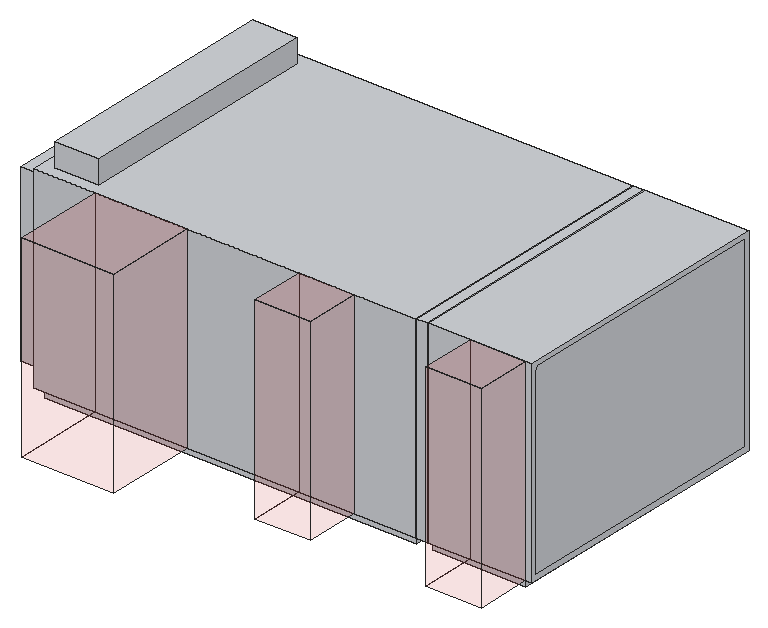
Revit family "Metric WinTADS Template 5", category Mechanical Equipment, Revit 2017
Family settings
  Round Connector Dimension = Use Diameter
  Part Type = Normal
  OmniClass Number = 23.75.00.00
  OmniClass Title = Climate Control (HVAC)
  Work Plane-Based = No
  Always vertical = Yes
  Cut with Voids When Loaded = No
  Shared = No
  Room Calculation Point = No
Parameters
  Mass = 1586.30 kg
Reference planes
  plane 1 "Center (Front/Back)": y = 0
  plane 2: z = 0
  plane 3 "Center (Left/Right)": x = 0
Forms (mm)
  Extrusion 1, solid
    sketch origin (0, 0, 0) x (1, 0, 0) y (0, 1, 0)
      loop
        line (-200, 2238) -> (-200, 100) -> (0, 100) -> (0, 2238) -> (-200, 2238)
    from 100 to 1598
  Extrusion 2, solid
    sketch origin (0, 0, 0) x (1, 0, 0) y (0, 1, 0)
      loop
        line (100, 2238) -> (100, 100) -> (478, 100) -> (478, 2238) -> (100, 2238)
    from 1698 to 1898
  Extrusion 3, solid
    sketch origin (0, 0, 0) x (1, 0, 0) y (0, 1, 0)
      loop
        line (4293.543, 2289) -> (4293.543, 49) -> (4294.457, 49) -> (4294.457, 2289) -> (4293.543, 2289)
    from 49 to 1649
  Extrusion 4, solid
    sketch origin (0, 0, 0) x (1, 0, 0) y (0, 1, 0)
      loop
        line (0, 2338) -> (0, 0) -> (3298, 0) -> (3298, 2338) -> (0, 2338)
    from 0 to 1698
  Extrusion 5, solid
    sketch origin (0, 0, 0) x (1, 0, 0) y (0, 1, 0)
      loop
        line (3298, 2338) -> (3298, 0) -> (3396, 0) -> (3396, 2338) -> (3298, 2338)
    from 0 to 1698
  Extrusion 6, solid
    sketch origin (0, 0, 0) x (1, 0, 0) y (0, 1, 0)
      loop
        line (3396, 2338) -> (3396, 0) -> (4294, 0) -> (4294, 2338) -> (3396, 2338)
    from 0 to 1698
  Extrusion 7, solid
    sketch origin (0, 0, 0) x (1, 0, 0) y (0, 1, 0)
      loop
        line (69, 75.5) -> (69, 26.5) -> (3278, 26.5) -> (3278, 75.5) -> (69, 75.5)
    from -62 to 0
  Extrusion 8, solid
    sketch origin (0, 0, 0) x (1, 0, 0) y (0, 1, 0)
      loop
        line (69, 2311.5) -> (69, 2262.5) -> (3278, 2262.5) -> (3278, 2311.5) -> (69, 2311.5)
    from -62 to 0
  Extrusion 9, solid
    sketch origin (0, 0, 0) x (1, 0, 0) y (0, 1, 0)
      loop
        line (69, 2262.5) -> (69, 75.5) -> (118, 75.5) -> (118, 2262.5) -> (69, 2262.5)
    from -62 to 0
  Extrusion 10, solid
    sketch origin (0, 0, 0) x (1, 0, 0) y (0, 1, 0)
      loop
        line (3229, 2262.5) -> (3229, 75.5) -> (3278, 75.5) -> (3278, 2262.5) -> (3229, 2262.5)
    from -62 to 0
  Extrusion 11, solid
    sketch origin (0, 0, 0) x (1, 0, 0) y (0, 1, 0)
      loop
        line (3416, 75.5) -> (3416, 26.5) -> (4225, 26.5) -> (4225, 75.5) -> (3416, 75.5)
    from -62 to 0
  Extrusion 12, solid
    sketch origin (0, 0, 0) x (1, 0, 0) y (0, 1, 0)
      loop
        line (3416, 2311.5) -> (3416, 2262.5) -> (4225, 2262.5) -> (4225, 2311.5) -> (3416, 2311.5)
    from -62 to 0
  Extrusion 13, solid
    sketch origin (0, 0, 0) x (1, 0, 0) y (0, 1, 0)
      loop
        line (3416, 2262.5) -> (3416, 75.5) -> (3465, 75.5) -> (3465, 2262.5) -> (3416, 2262.5)
    from -62 to 0
  Extrusion 14, solid
    sketch origin (0, 0, 0) x (1, 0, 0) y (0, 1, 0)
      loop
        line (4176, 2262.5) -> (4176, 75.5) -> (4225, 75.5) -> (4225, 2262.5) -> (4176, 2262.5)
    from -62 to 0
  Extrusion 15, solid, material "Clearance Zones"
    sketch origin (0, 0, 0) x (1, 0, 0) y (0, 1, 0)
      loop
        line (529, 0) -> (529, -800) -> (1329, -800) -> (1329, 0) -> (529, 0)
    from 0 to 1698
  Extrusion 16, solid, material "Clearance Zones"
    sketch origin (0, 0, 0) x (1, 0, 0) y (0, 1, 0)
      loop
        line (2289, 0) -> (2289, -480) -> (2769, -480) -> (2769, 0) -> (2289, 0)
    from 0 to 1698
  Extrusion 17, solid, material "Clearance Zones"
    sketch origin (0, 0, 0) x (1, 0, 0) y (0, 1, 0)
      loop
        line (3765, 0) -> (3765, -480) -> (4245, -480) -> (4245, 0) -> (3765, 0)
    from 0 to 1698
Dimensions and locks
  aligned and locked: level to plane 2
Connectors
  hvac at (289, 1169, 1898)
    settings: on Extrusion 2, index 6, duct flow 6944.44 L/s, flow factor 0, pres drop 46.4516 Pa, loss coef 0, conn angle 0.00°, conn width 378 mm, conn height 2138 mm, conn diameter 609.6 mm, duct sys type 1, conn prof type 1, flow config 0, flow direction 1, loss method 4, conn ref index -1, conn util no, is conn primary yes, conn desc ""
  hvac at (4294.457, 1169, 849)
    settings: on Extrusion 3, index 31, duct flow 6944.44 L/s, flow factor 0, pres drop 2.0 Pa, loss coef 0, conn angle 0.00°, conn width 2240 mm, conn height 1600 mm, conn diameter 609.6 mm, duct sys type 1, conn prof type 1, flow config 0, flow direction 2, loss method 4, conn ref index -1, conn util no, is conn primary no, conn desc ""
  hvac at (-200, 1169, 849)
    settings: on Extrusion 1, index 35, duct flow 6944.44 L/s, flow factor 0, pres drop 3.08716 Pa, loss coef 0, conn angle 0.00°, conn width 2138 mm, conn height 1498 mm, conn diameter 609.6 mm, duct sys type 1, conn prof type 1, flow config 0, flow direction 1, loss method 4, conn ref index -1, conn util no, is conn primary no, conn desc ""
